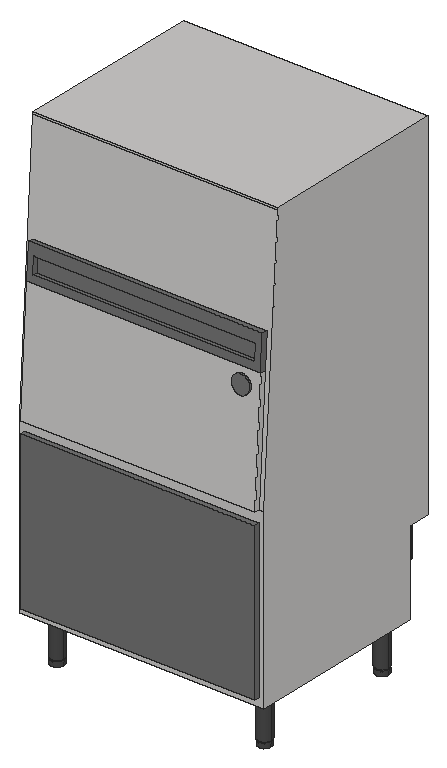
Revit family "QF_MACOM_HOSIM130A-2M", category Equipamento especial, Revit 2020 (continued)
Automatic sketch dimensions
  curve 157 to curve 168 = 4 mm
  curve 153 to curve 164 = 4 mm
  curve 160 to curve 162 = 3.5 mm
  curve 168 to curve 170 = 3.5 mm
  curve 164 to curve 166 = 3.5 mm
  curve 182 to curve 169 = 0 mm
  curve 180 to curve 169 = 0 mm
  curve 178 to curve 165 = 0 mm
  curve 176 to curve 165 = 0 mm
  curve 172 to curve 161 = 0 mm
  curve 175 to curve 161 = 0 mm
  curve 161 to curve 172 = 4 mm
  curve 169 to curve 180 = 4 mm
  curve 165 to curve 176 = 4 mm
  curve 172 to curve 174 = 3.5 mm
  curve 180 to curve 182 = 3.5 mm
  curve 176 to curve 178 = 3.5 mm
  curve 194 to curve 181 = 0 mm
  curve 192 to curve 181 = 0 mm
  curve 188 to curve 177 = 0 mm
  curve 189 to curve 177 = 0 mm
  curve 184 to curve 173 = 0 mm
  curve 185 to curve 173 = 0 mm
  curve 173 to curve 184 = 4 mm
  curve 181 to curve 192 = 4 mm
  curve 177 to curve 188 = 4 mm
  curve 184 to curve 186 = 3.5 mm
  curve 192 to curve 194 = 3.5 mm
  curve 188 to curve 190 = 3.5 mm
  curve 206 to curve 193 = 0 mm
  curve 204 to curve 193 = 0 mm
  curve 202 to curve 189 = 0 mm
  curve 200 to curve 189 = 0 mm
  curve 198 to curve 185 = 0 mm
  curve 196 to curve 185 = 0 mm
  curve 185 to curve 196 = 4 mm
  curve 193 to curve 204 = 4 mm
  curve 189 to curve 200 = 4 mm
  curve 196 to curve 198 = 3.5 mm
  curve 204 to curve 206 = 3.5 mm
  curve 200 to curve 202 = 3.5 mm
  curve 218 to curve 205 = 0 mm
  curve 216 to curve 205 = 0 mm
  curve 212 to curve 201 = 0 mm  (x2)
  curve 210 to curve 197 = 0 mm
  curve 208 to curve 197 = 0 mm
  curve 197 to curve 208 = 4 mm
  curve 205 to curve 216 = 4 mm
  curve 201 to curve 212 = 4 mm
  curve 216 to curve 219 = 3.5 mm
  curve 212 to curve 214 = 3.5 mm
  curve 208 to curve 211 = 3.5 mm
  curve 230 to curve 217 = 0 mm
  curve 228 to curve 219 = 0 mm
  curve 226 to curve 213 = 0 mm
  curve 224 to curve 213 = 0 mm
  curve 222 to curve 209 = 0 mm
  curve 220 to curve 209 = 0 mm
  curve 209 to curve 220 = 4 mm
  curve 217 to curve 228 = 4 mm
  curve 213 to curve 224 = 4 mm
  curve 228 to curve 231 = 3.5 mm
  curve 224 to curve 226 = 3.5 mm
  curve 220 to curve 223 = 3.5 mm
  curve 242 to curve 229 = 0 mm
  curve 240 to curve 231 = 0 mm
  curve 236 to curve 225 = 0 mm
  curve 239 to curve 225 = 0 mm
  curve 234 to curve 221 = 0 mm
  curve 232 to curve 221 = 0 mm
  curve 221 to curve 232 = 4 mm
  curve 229 to curve 240 = 4 mm
  curve 225 to curve 236 = 4 mm
  curve 232 to curve 234 = 3.5 mm
  curve 240 to curve 242 = 3.5 mm
  curve 236 to curve 238 = 3.5 mm
  curve 254 to curve 241 = 0 mm
  curve 252 to curve 241 = 0 mm
  curve 250 to curve 237 = 0 mm
  curve 248 to curve 237 = 0 mm
  curve 246 to curve 233 = 0 mm
  curve 244 to curve 233 = 0 mm
  curve 233 to curve 244 = 4 mm
  curve 241 to curve 252 = 4 mm
  curve 237 to curve 248 = 4 mm
  curve 244 to curve 246 = 3.5 mm
  curve 252 to curve 254 = 3.5 mm
  curve 248 to curve 250 = 3.5 mm
  curve 266 to curve 253 = 0 mm
  curve 264 to curve 253 = 0 mm
  curve 260 to curve 249 = 0 mm
  curve 263 to curve 249 = 0 mm
  curve 256 to curve 245 = 0 mm  (x2)
  curve 245 to curve 256 = 4 mm
  curve 253 to curve 264 = 4 mm
  curve 249 to curve 260 = 4 mm
  curve 264 to curve 267 = 3.5 mm
  curve 260 to curve 262 = 3.5 mm
  curve 256 to curve 259 = 3.5 mm
  curve 278 to curve 265 = 0 mm
  curve 276 to curve 267 = 0 mm
  curve 274 to curve 261 = 0 mm
  curve 272 to curve 261 = 0 mm
  curve 270 to curve 257 = 0 mm
  curve 268 to curve 257 = 0 mm
  curve 257 to curve 268 = 4 mm
  curve 265 to curve 276 = 4 mm
  curve 261 to curve 272 = 4 mm
  curve 276 to curve 279 = 3.5 mm
  curve 274 to curve 274 = 3.5 mm
  curve 268 to curve 271 = 3.5 mm
  curve 290 to curve 277 = 0 mm
  curve 288 to curve 277 = 0 mm
  curve 284 to curve 273 = 0 mm
  curve 287 to curve 273 = 0 mm
  curve 280 to curve 269 = 0 mm  (x2)
  curve 269 to curve 280 = 4 mm
  curve 277 to curve 288 = 4 mm
  curve 273 to curve 284 = 4 mm
  curve 288 to curve 291 = 3.5 mm
  curve 286 to curve 286 = 3.5 mm
  curve 280 to curve 283 = 3.5 mm
  curve 302 to curve 289 = 0 mm
  curve 300 to curve 289 = 0 mm
  curve 298 to curve 285 = 0 mm
  curve 296 to curve 285 = 0 mm
  curve 294 to curve 281 = 0 mm
  curve 292 to curve 281 = 0 mm
  curve 281 to curve 292 = 4 mm
  curve 289 to curve 300 = 4 mm
  curve 285 to curve 296 = 4 mm
  curve 300 to curve 303 = 3.5 mm
  curve 298 to curve 298 = 3.5 mm
  curve 292 to curve 295 = 3.5 mm
  curve 314 to curve 301 = 0 mm
  curve 312 to curve 301 = 0 mm
  curve 308 to curve 297 = 0 mm
  curve 311 to curve 297 = 0 mm
  curve 304 to curve 293 = 0 mm  (x2)
  curve 293 to curve 304 = 4 mm
  curve 301 to curve 312 = 4 mm
  curve 297 to curve 308 = 4 mm
  curve 306 to curve 306 = 3.5 mm
  curve 314 to curve 314 = 3.5 mm
  curve 310 to curve 310 = 3.5 mm
  curve 326 to curve 313 = 0 mm
  curve 324 to curve 313 = 0 mm
  curve 322 to curve 309 = 0 mm
  curve 320 to curve 309 = 0 mm
  curve 318 to curve 305 = 0 mm
  curve 316 to curve 305 = 0 mm
  curve 305 to curve 316 = 4 mm
  curve 313 to curve 324 = 4 mm
  curve 309 to curve 320 = 4 mm
  curve 318 to curve 318 = 3.5 mm
  curve 326 to curve 326 = 3.5 mm
  curve 322 to curve 322 = 3.5 mm
  curve 328 to Extrusion 1 = 52.5 mm
  curve 328 to Extrusion 1 = 139.5 mm
  curve 329 to curve 329 = 68 mm
  curve 330 to curve 330 = 3.5 mm
  curve 332 to curve 328 = 13 mm
  curve 332 to curve 334 = 68 mm
  curve 332 to Extrusion 1 = 52.5 mm
  curve 335 to curve 335 = 3.5 mm
  curve 336 to curve 332 = 13 mm
  curve 336 to curve 338 = 68 mm
  curve 336 to Extrusion 1 = 52.5 mm
  curve 339 to curve 339 = 3.5 mm
  curve 348 to curve 339 = 0 mm
  curve 348 to curve 338 = 0 mm
  curve 347 to curve 335 = 0 mm
  curve 346 to curve 334 = 0 mm
  curve 343 to curve 331 = 0 mm
  curve 341 to curve 330 = 0 mm
  curve 330 to curve 340 = 4 mm
  curve 339 to curve 348 = 4 mm
  curve 334 to curve 344 = 4 mm
  curve 340 to curve 342 = 3.5 mm
  curve 348 to curve 350 = 3.5 mm
  curve 344 to curve 346 = 3.5 mm
  curve 363 to curve 351 = 0 mm
  curve 362 to curve 350 = 0 mm
  curve 359 to curve 347 = 0 mm
  curve 356 to curve 346 = 0 mm
  curve 352 to curve 343 = 0 mm
  curve 354 to curve 342 = 0 mm
  curve 342 to curve 352 = 4 mm
  curve 351 to curve 360 = 4 mm
  curve 346 to curve 356 = 4 mm
  curve 352 to curve 354 = 3.5 mm
  curve 363 to curve 363 = 3.5 mm
  curve 356 to curve 358 = 3.5 mm
  curve 372 to curve 363 = 0 mm
  curve 374 to curve 361 = 0 mm
  curve 369 to curve 359 = 0 mm
  curve 369 to curve 358 = 0 mm
  curve 364 to curve 355 = 0 mm
  curve 366 to curve 354 = 0 mm
  curve 354 to curve 364 = 4 mm
  curve 363 to curve 372 = 4 mm
  curve 358 to curve 368 = 4 mm
  curve 364 to curve 366 = 3.5 mm
  curve 372 to curve 374 = 3.5 mm
  curve 368 to curve 370 = 3.5 mm
  curve 387 to curve 375 = 0 mm
  curve 384 to curve 374 = 0 mm
  curve 380 to curve 371 = 0 mm
  curve 380 to curve 370 = 0 mm
  curve 376 to curve 367 = 0 mm
  curve 377 to curve 366 = 0 mm
  curve 366 to curve 376 = 4 mm
  curve 375 to curve 384 = 4 mm
  curve 370 to curve 380 = 4 mm
  curve 376 to curve 378 = 3.5 mm
  curve 384 to curve 386 = 3.5 mm
  curve 380 to curve 382 = 3.5 mm
  curve 396 to curve 387 = 0 mm
  curve 398 to curve 386 = 0 mm
  curve 393 to curve 383 = 0 mm
  curve 392 to curve 382 = 0 mm
  curve 391 to curve 379 = 0 mm
  curve 388 to curve 378 = 0 mm
  curve 378 to curve 388 = 4 mm
  curve 387 to curve 396 = 4 mm
  curve 382 to curve 392 = 4 mm
  curve 388 to curve 390 = 3.5 mm
  curve 396 to curve 398 = 3.5 mm
  curve 392 to curve 394 = 3.5 mm
  curve 411 to curve 399 = 0 mm
  curve 408 to curve 398 = 0 mm
  curve 404 to curve 395 = 0 mm
  curve 404 to curve 394 = 0 mm
  curve 403 to curve 391 = 0 mm
  curve 400 to curve 390 = 0 mm
  curve 390 to curve 400 = 4 mm
  curve 399 to curve 408 = 4 mm
  curve 394 to curve 404 = 4 mm
  curve 400 to curve 402 = 3.5 mm
  curve 411 to curve 411 = 3.5 mm
  curve 404 to curve 406 = 3.5 mm
  curve 420 to curve 411 = 0 mm
  curve 422 to curve 409 = 0 mm
  curve 416 to curve 407 = 0 mm
  curve 416 to curve 406 = 0 mm
  curve 415 to curve 403 = 0 mm
  curve 412 to curve 402 = 0 mm
  curve 402 to curve 412 = 4 mm
  curve 411 to curve 420 = 4 mm
  curve 406 to curve 416 = 4 mm
  curve 412 to curve 414 = 3.5 mm
  curve 420 to curve 422 = 3.5 mm
  curve 416 to curve 418 = 3.5 mm
  curve 435 to curve 423 = 0 mm
  curve 434 to curve 422 = 0 mm
  curve 429 to curve 419 = 0 mm
  curve 430 to curve 418 = 0 mm
  curve 427 to curve 415 = 0 mm
  curve 424 to curve 414 = 0 mm
  curve 414 to curve 424 = 4 mm
  curve 423 to curve 432 = 4 mm
  curve 418 to curve 428 = 4 mm
  curve 424 to curve 426 = 3.5 mm
  curve 432 to curve 434 = 3.5 mm
  curve 428 to curve 430 = 3.5 mm
  curve 444 to curve 435 = 0 mm
  curve 446 to curve 434 = 0 mm
  curve 443 to curve 431 = 0 mm
  curve 442 to curve 430 = 0 mm
  curve 439 to curve 427 = 0 mm
  curve 436 to curve 426 = 0 mm
  curve 426 to curve 436 = 4 mm
  curve 435 to curve 444 = 4 mm
  curve 430 to curve 440 = 4 mm
  curve 436 to curve 438 = 3.5 mm
  curve 444 to curve 446 = 3.5 mm
  curve 440 to curve 442 = 3.5 mm
  curve 459 to curve 447 = 0 mm
  curve 456 to curve 446 = 0 mm
  curve 452 to curve 443 = 0 mm
  curve 452 to curve 442 = 0 mm
  curve 451 to curve 439 = 0 mm
  curve 448 to curve 438 = 0 mm
  curve 438 to curve 448 = 4 mm
  curve 447 to curve 456 = 4 mm
  curve 442 to curve 452 = 4 mm
  curve 448 to curve 450 = 3.5 mm
  curve 456 to curve 458 = 3.5 mm
  curve 452 to curve 454 = 3.5 mm
  curve 468 to curve 459 = 0 mm
  curve 470 to curve 458 = 0 mm
  curve 467 to curve 455 = 0 mm
  curve 466 to curve 454 = 0 mm
  curve 463 to curve 451 = 0 mm
  curve 460 to curve 450 = 0 mm
  curve 450 to curve 460 = 4 mm
  curve 459 to curve 468 = 4 mm
  curve 454 to curve 464 = 4 mm
  curve 462 to curve 462 = 3.5 mm
  curve 468 to curve 470 = 3.5 mm
  curve 466 to curve 466 = 3.5 mm
  curve 483 to curve 471 = 0 mm
  curve 482 to curve 470 = 0 mm
  curve 479 to curve 467 = 0 mm
  curve 476 to curve 465 = 0 mm
  curve 475 to curve 463 = 0 mm
  curve 472 to curve 461 = 0 mm
  curve 461 to curve 472 = 4 mm
  curve 471 to curve 480 = 4 mm
  curve 465 to curve 476 = 4 mm
  curve 472 to curve 474 = 3.5 mm
  curve 480 to curve 482 = 3.5 mm
  curve 476 to curve 478 = 3.5 mm
  curve 492 to curve 483 = 0 mm
  curve 494 to curve 482 = 0 mm
  curve 489 to curve 479 = 0 mm
  curve 490 to curve 477 = 0 mm
  curve 487 to curve 475 = 0 mm
  curve 484 to curve 473 = 0 mm
  curve 473 to curve 484 = 4 mm
  curve 483 to curve 492 = 4 mm
  curve 477 to curve 488 = 4 mm
  curve 486 to curve 486 = 3.5 mm
  curve 492 to curve 494 = 3.5 mm
  curve 490 to curve 490 = 3.5 mm
  curve 507 to curve 495 = 0 mm
  curve 506 to curve 494 = 0 mm
  curve 500 to curve 491 = 0 mm
  curve 501 to curve 489 = 0 mm
  curve 499 to curve 487 = 0 mm
  curve 496 to curve 485 = 0 mm
  curve 485 to curve 496 = 4 mm
  curve 495 to curve 504 = 4 mm
  curve 489 to curve 500 = 4 mm
  curve 496 to curve 498 = 3.5 mm
  curve 507 to curve 507 = 3.5 mm
  curve 500 to curve 502 = 3.5 mm
  curve 516 to curve 507 = 0 mm
  curve 518 to curve 505 = 0 mm
  curve 512 to curve 503 = 0 mm
  curve 514 to curve 501 = 0 mm
  curve 508 to curve 499 = 0 mm
  curve 508 to curve 497 = 0 mm
  curve 497 to curve 508 = 4 mm
  curve 507 to curve 516 = 4 mm
  curve 501 to curve 512 = 4 mm
  curve 510 to curve 510 = 3.5 mm
  curve 516 to curve 518 = 3.5 mm
  curve 514 to curve 514 = 3.5 mm
  Extrusion 6 sketch curve to Extrusion 3 = 0 mm  (x4)
  Extrusion 3 to Extrusion 6 sketch curve = 0 mm
  Extrusion 6 sketch curve to Extrusion 6 sketch curve = 370.409 mm
  Extrusion 6 sketch curve to Extrusion 6 sketch curve = 26.74 mm
  plane 1 "Centro (Frontal/Traseira)" to curve 520 = 0 mm
  curve 537 to plane 3 "Centro (Esquerda/Direita)" = 0 mm
  curve 537 to plane 4 = 0 mm
  plane 3 "Centro (Esquerda/Direita)" to curve 530 = 15 mm
  curve 529 to curve 535 = 15 mm
  curve 533 to plane 4 = 30 mm
  curve 536 to plane 4 = 15 mm
  curve 530 to plane 6 = 41.74 mm
  curve 533 to curve 529 = 4.363 mm
  curve 532 to curve 534 = 15.315 mm
  curve 536 to plane 6 = 15 mm
  curve 524 to plane 6 = 0.03 mm
  curve 529 to curve 537 = 18.26 mm
  curve 525 to curve 531 = 5.806 mm
  Extrusion 7 sketch curve to Extrusion 1 = 0 mm  (x3)
  Extrusion 1 to Extrusion 7 sketch curve = 0 mm
  Extrusion 7 sketch curve to Extrusion 1 = 60 mm  (x2)
  Extrusion 7 sketch curve to Extrusion 1 = 150 mm  (x2)
  Extrusion 8 sketch curve to Extrusion 1 = 150 mm  (x2)
  radius of Extrusion 9 sketch curve = 6.35 mm
  radius of Extrusion 10 sketch curve = 9.525 mm  (x2)
Nested families
  nested 1: "Sapata 132mm" at (50.469, -491.619, 17.513) x (1, 0, 0) z (0, -1, 0), type "Sapata 132mm"
  nested 2: "Sapata 132mm" at (50.469, -91.763, 17.513) x (1, 0, 0) z (0, -1, 0), type "Sapata 132mm"
  nested 3: "Sapata 132mm" at (614.191, -91.763, 17.513) x (1, 0, 0) z (0, -1, 0), type "Sapata 132mm"
  nested 4: "Sapata 132mm" at (614.191, -491.619, 17.513) x (1, 0, 0) z (0, -1, 0), type "Sapata 132mm"
  nested 5: "QF_Hoshizaki_Logo" at (-619.2, 665.687, 874.108), visible <- "Show Logo", type "QF_Hoshizaki_Logo", detail levels medium+fine
    with Type Mark "", Status "", Specification by User "", Show Logo yes, Serial Number "", Revision Code "", Item Number "", Installed By "", Identify Quantity as Lot yes, Furnished By "", Foodservice Equipment Identifier yes
Connectors
  piping at (638, -30, 261), diameter 12.7, driven by "Cold Water Size"
    settings: on Extrusion 9, index 1, connector inside diameter 24", connector length 0 mm, flow factor 0, pipe flow 0.0 L/s, pressure drop 0.0 Pa, fitting loss kfactor 0, connector angle 0.00°, fixture units 0, engagement length 0 mm, angle of deflection 0.00°, flow configuration 0, flow direction 1, fitting loss method 0, system type 7, joint type 0, gender type 0, connector reference index -1, connector utility 0, adjustable connector no, is connector primary yes, connector description ""
  piping at (78.5, -53.65, 285), diameter 19.05, driven by "Indirect Waste Size"
    settings: on Extrusion 10, index 2, connector inside diameter 24", connector length 0 mm, flow factor 0, pipe flow 0.0 L/s, pressure drop 0.0 Pa, fitting loss kfactor 0, connector angle 0.00°, fixture units 0, engagement length 0 mm, angle of deflection 0.00°, flow configuration 0, flow direction 2, fitting loss method 0, system type 16, joint type 0, gender type 0, connector reference index -1, connector utility 0, adjustable connector no, is connector primary no, connector description ""
  electrical at (35, -53.65, 330), driven by "Volts"
    settings: on Extrusion 10, index 3, voltage 220 V, apparent load 0 VA, apparent load phase1 0 VA, apparent load phase2 0 VA, apparent load phase3 0 VA, power factor 1, load classification "Outro", number of poles 1, system type 30, power factor state 1, is connector primary yes, connector utility no, sub classification motor no, connector description ""
Definition of nested family "Sapata 132mm"
  Parameters
    Default Elevation = 0 mm
  Reference planes
    plane 1 "Centro (Frente/Trás)": y = 0
    plane 2: z = 0
    plane 3 "Centro (Esquerda/Direita)": x = 0
  Forms (mm)
    Revolve 1, solid
      sketch origin (0, 0, 0) x (1, 0, 0) y (0, 1, 0)
        loop
          line (17.3, -17.513) -> (17.3, -5.713) -> (11.853, -0.266) -> (0, -0.266) -> (0, -17.513) -> (17.3, -17.513)
        axis (0, -0.266) -> (0, -17.513)
      angle from 0 to 360
    Revolve 2, solid
      sketch origin (0, 0, 0) x (1, 0, 0) y (0, 1, 0)
        loop
          line (0, 0) -> (0, 114.5) -> (-19.05, 114.5) -> (-19.05, 0) -> (0, 0)
        axis (0, 114.5) -> (0, 0)
      angle from 0 to 360
  Cuts and joins
    joined: Revolve 1, Revolve 2
  Dimensions and locks
    plane 1 "Centro (Frente/Trás)" to Revolve 2 sketch curve = 114.5 mm
    Revolve 2 to Revolve 1 = 132.013 mm
    aligned and locked: level to plane 2
Definition of nested family "QF_Hoshizaki_Logo"
  Parameters (values of type "QF_Hoshizaki_Logo")
    Weight in Pounds = 0
    URL Cutsheet = ""
    Type Mark [instance] = ""
    Status [instance] = ""
    Specification by User [instance] = ""
    Specification by Manufacturer = ""
    Show Logo [instance] = yes
    Serial Number [instance] = ""
    Seismic Rating = ""
    SMACNA No = ""
    Revision Code [instance] = ""
    Omniclass Number and Title = ""
    NAFEM Spec ID Number = ""
    MasterSpec. = "11 40 00"
    Item Number [instance] = ""
    Installed By [instance] = ""
    Identify Quantity as Lot [instance] = yes
    Furnished By [instance] = ""
    Foodservice Equipment Identifier [instance] = yes
    Default Elevation = 1219.2 mm
    CSI MasterFormat = "11 40 00"
    Assembly Code = "E1090300"
  Reference planes
    plane 1: z = 0
    plane 2 "Center (Left/Right)": x = 1219.2
    plane 3 "Center (Front/Back)": y = -1219.2
  Forms (mm)
    Extrusion 1, solid, visible <- "Show Logo"
      sketch origin (1267.55, -1213.628, 88.56) x (0, -0.062791, -0.998027) y (1, 0, 0)
        loop
          circle (63.336, -48.35) r 25.4
      from 0 to 3.175
  Lines and regions (mm)
    Split face 1
      outline origin (1267.55, -1216.797, 88.76) x (0, -0.062791, -0.998027) y (1, 0, 0)
        loop
          line (74.868, -35.556) -> (60.879, -36.703) -> (55.307, -45.687)
          arc (55.307, -45.687) -> (64.924, -42.365) -> (74.868, -44.516) r 18.88
          line (74.868, -44.516) -> (74.868, -35.556)
    Split face 2
      outline origin (1267.55, -1216.797, 88.76) x (0, -0.062791, -0.998027) y (1, 0, 0)
        loop
          line (62.494, -52.958) -> (58.526, -58.861) -> (61.435, -63.061) -> (63.114, -63.449) -> (68.567, -63.449) -> (74.493, -61.168) -> (77.47, -55.814) -> (74.868, -55.814) -> (62.494, -52.958)
    Split face 3
      outline origin (1267.55, -1216.797, 88.76) x (0, -0.062791, -0.998027) y (1, 0, 0)
        loop
          line (77.268, -44.516) -> (76.58, -45.539) -> (77.552, -47.223) -> (76.427, -47.872) -> (76.925, -49.166) -> (78.325, -49.489) -> (78.325, -44.516) -> (77.268, -44.516)
    Split face 4
      outline origin (1267.55, -1216.797, 88.76) x (0, -0.062791, -0.998027) y (1, 0, 0)
        loop
          line (77.47, -55.814) -> (70.252, -49.758) -> (72.168, -48.652) -> (71.424, -45.877) -> (70.362, -44.814) -> (65.564, -47.584) -> (60.879, -47.584) -> (56.481, -50.123) -> (55.306, -51.298) -> (55.306, -45.687) -> (51.858, -44.891) -> (50.298, -46.451) -> (49.289, -47.46) -> (49.289, -49.006) -> (50.134, -50.469) -> (52.623, -52.958) -> (56.804, -52.958) -> (62.494, -52.958)
    Split face 5
      outline origin (1267.55, -1216.797, 88.76) x (0, -0.062791, -0.998027) y (1, 0, 0)
        loop
          line (77.47, -55.814) -> (76.925, -49.166)
        loop
          arc (76.58, -45.539) -> (75.738, -45.005) -> (74.868, -44.516) r 18.875
    Split face 6
      outline origin (1267.55, -1216.797, 88.76) x (0, -0.062791, -0.998027) y (1, 0, 0)
        loop
          circle (63.336, -48.35) r 20.267
  Dimensions and locks
    aligned and locked: level to plane 1
